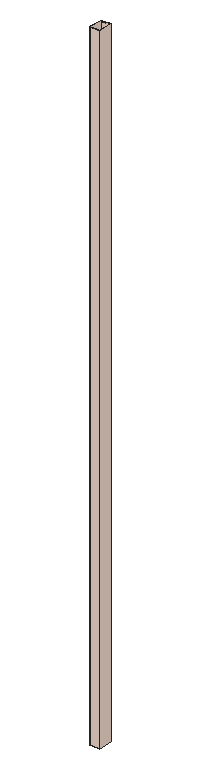
Revit family "SQ-BAR4565", category 機械設備, Revit 2020
Family settings
  丸型コネクタ寸法 = 直径を使用
  種別 = なし
  パーツ タイプ = 標準
  作業面ベース = いいえ
  常に垂直 = はい
  ロード時にボイドで切り取り = いいえ
  共有 = いいえ
  部屋計算ポイント = いいえ
Parameters
  製造元 = "株式会社桐井製作所"
  既定の高さ = 0 mm
  URL = "https://www.kirii.co.jp/"
  K_長さ(mm) [instance] = 3000 mm
  K_材質 = "SGCC　一般用"
  K_断面積A(mm2) = 102.5
  K_断面係数Zy(mm3) = 1560
  K_断面係数Zx(mm3) = 1830
  K_断面2次半径iy(mm) = 19.1
  K_断面2次半径ix(mm) = 24.1
  K_断面2次モーメントIy(mm4) = 37280
  K_断面2次モーメントIx(mm4) = 59490
  K_外形寸法(mm) = "□45×65"
  K_品名 = "SQ-BAR4565"
  K_名称 = "角型スタッド"
  K_単位質量(kg/m) = 0.833
  K_ヤング係数E(N/mm2) = 205000
  K_バージョン情報 = "20210524"
  K_めっき付着量 = "Z08"
  K_JIS規格 = "JIS G 3302"
Reference planes
  plane 1 "中心(正面/背面)": y = 0
  plane 2: z = 0
  plane 3 "中心(左/右)": x = 0
  plane 4: x = 22.5
  plane 5: x = -22.5
  plane 6: y = 32.5
  plane 7: z = 3000
  plane 8: y = -32.5
Forms (mm)
  Extrusion 1, solid
    sketch origin (0.5, -20, 0) x (1, 0, 0) y (0, 1, 0)
      loop
        line (-23, 52.5) -> (-23, -12.5) -> (22, -12.5) -> (22, 52.5) -> (-23, 52.5)
      loop
        line (-22.5, 52) -> (-22.5, -12) -> (21.5, -12) -> (21.5, 52) -> (-22.5, 52)
    from 0 to 3000
Dimensions and locks
  locked: Extrusion 1 sketch curve to Extrusion 1 sketch curve at 0.5  (x4)
  "K_長さ(mm)": plane 7 to level
  aligned and locked: level to plane 2
  aligned and locked: Extrusion 1 sketch curve to plane 6
  aligned and locked: plane 7 to Extrusion 1
  aligned and locked: plane 6 to Extrusion 1
  aligned and locked: Extrusion 1 to plane 8
  aligned and locked: Extrusion 1 to plane 5
  aligned and locked: plane 4 to Extrusion 1
Automatic sketch dimensions
  Extrusion 1 sketch curve to plane 4 = 0.5 mm
  plane 5 to Extrusion 1 sketch curve = 0.5 mm
  plane 1 "中心(正面/背面)" to Extrusion 1 sketch curve = 32 mm
